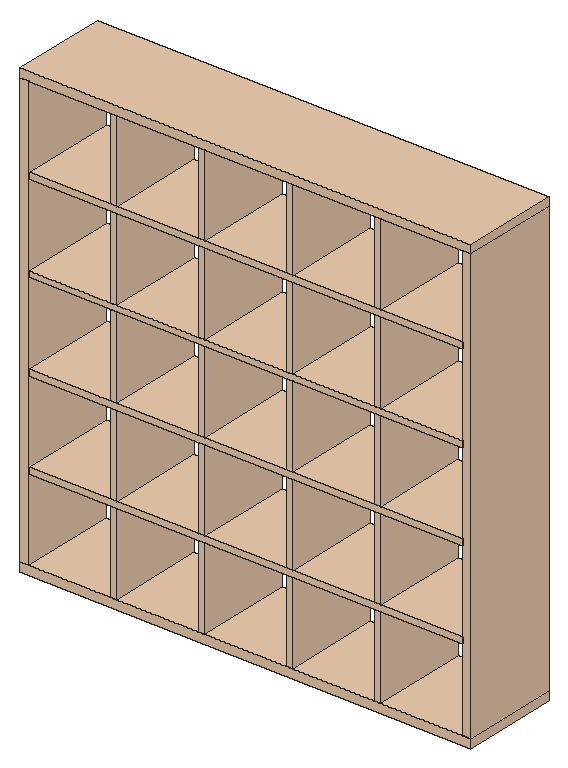
Revit family "KALLAX", category Furniture, Revit 2019
Family settings
  OmniClass Number = 23.40.20.00
  OmniClass Title = General Furniture and Specialties
  Work Plane-Based = No
  Always vertical = Yes
  Cut with Voids When Loaded = No
  Shared = No
  Room Calculation Point = No
Parameters
  www.revitwatch.com = ""
  Void_Length = (Length - (Thikness * 2) - (T1 * 4)) / 5  # 330 mm
  Void_Height = (Height - (Thikness * 2) - (T1 * 4)) / 5  # 330 mm
  Thikness = 35 mm
  T1 = 25 mm
  Length = 1820 mm
  Height = 1820 mm
  Depth = 390 mm
Reference planes
  plane 1 "Center (Front/Back)": y = 0
  plane 2: z = 0
  plane 3 "Center (Left/Right)": x = 0
  plane 4: x = -910
  plane 5: x = 910
  plane 6: y = -195
  plane 7: y = 195
  plane 8: z = 1820
  plane 9: z = 1785
  plane 10: z = 35
  plane 11: x = -875
  plane 12: x = 875
  plane 13: z = 1455
  plane 14: z = 1100
  plane 15: z = 745
  plane 16: z = 390
  plane 17: z = 1430
  plane 18: z = 1075
  plane 19: z = 720
  plane 20: z = 365
  plane 21: x = -545
  plane 22: x = -190
  plane 23: x = 165
  plane 24: x = 520
  plane 25: x = -520
  plane 26: x = -165
  plane 27: x = 190
  plane 28: x = 545
Forms (mm)
  Sweep 1, solid, material "Oak"
    path origin (0, 0, 0) x (1, 0, 0) y (0, 0, 1)
      loop
        line (0, 1820) -> (0, 1785)
    profile origin (0, 0, 1802.5) x (0, -1, 0) y (1, 0, 0)
      loop
        line (-195, -910) -> (195, -910) -> (195, 910) -> (-195, 910) -> (-195, -910)
  Sweep 2, solid, material "Oak"
    path origin (0, 0, -278.751) x (1, 0, 0) y (0, 0, 1)
      loop
        line (0, 1733.751) -> (0, 1708.751)
    profile origin (0, 0, 1442.5) x (0, -1, 0) y (1, 0, 0)
      loop
        line (-195, -875) -> (195, -875) -> (195, 875) -> (-195, 875) -> (-195, -875)
  Sweep 3, solid, material "Oak"
    path origin (0, 0, -558.751) x (1, 0, 0) y (0, 0, 1)
      loop
        line (0, 1658.751) -> (0, 1633.751)
    profile origin (0, 0, 1087.5) x (0, -1, 0) y (1, 0, 0)
      loop
        line (-195, -875) -> (195, -875) -> (195, 875) -> (-195, 875) -> (-195, -875)
  Sweep 4, solid, material "Oak"
    path origin (0, 0, -938.751) x (1, 0, 0) y (0, 0, 1)
      loop
        line (0, 1683.751) -> (0, 1658.751)
    profile origin (0, 0, 732.5) x (0, -1, 0) y (1, 0, 0)
      loop
        line (-195, -875) -> (195, -875) -> (195, 875) -> (-195, 875) -> (-195, -875)
  Sweep 5, solid, material "Oak"
    path origin (0, 0, -1278.751) x (1, 0, 0) y (0, 0, 1)
      loop
        line (0, 1668.751) -> (0, 1643.751)
    profile origin (0, 0, 377.5) x (0, -1, 0) y (1, 0, 0)
      loop
        line (-195, -875) -> (195, -875) -> (195, 875) -> (-195, 875) -> (-195, -875)
  Sweep 6, solid, material "Oak"
    path origin (0, 0, -1678.751) x (1, 0, 0) y (0, 0, 1)
      loop
        line (0, 1713.751) -> (0, 1678.751)
    profile origin (0, 0, 17.5) x (0, -1, 0) y (1, 0, 0)
      loop
        line (-195, -910) -> (195, -910) -> (195, 910) -> (-195, 910) -> (-195, -910)
  Sweep 7, solid, material "Oak"
    path origin (0, 0, 0) x (1, 0, 0) y (0, 0, 1)
      loop
        line (0, 1785) -> (0, 35)
    profile origin (0, 0, 910) x (0, -1, 0) y (1, 0, 0)
      loop
        line (-195, 875) -> (195, 875) -> (195, 910) -> (-195, 910) -> (-195, 875)
  Sweep 8, solid, material "Oak"
    path origin (0, 0, 0) x (1, 0, 0) y (0, 0, 1)
      loop
        line (0, 1785) -> (0, 35)
    profile origin (0, 0, 910) x (0, -1, 0) y (1, 0, 0)
      loop
        line (-195, -910) -> (195, -910) -> (195, -875) -> (-195, -875) -> (-195, -910)
  Sweep 9, solid, material "Oak"
    path origin (0, 0, 0) x (1, 0, 0) y (0, 1, 0)
      loop
        line (0, 195) -> (0, -195)
    profile origin (0, 0, 0) x (1, 0, 0) y (0, 0, 1)
      loop
        line (-190, 1785) -> (-190, 1455) -> (-165, 1455) -> (-165, 1785) -> (-190, 1785)
      loop
        line (-190, 1430) -> (-190, 1100) -> (-165, 1100) -> (-165, 1430) -> (-190, 1430)
      loop
        line (-190, 1075) -> (-190, 745) -> (-165, 745) -> (-165, 1075) -> (-190, 1075)
      loop
        line (-190, 720) -> (-190, 390) -> (-165, 390) -> (-165, 720) -> (-190, 720)
      loop
        line (-190, 365) -> (-190, 35) -> (-165, 35) -> (-165, 365) -> (-190, 365)
  Sweep 10, solid, material "Oak"
    path origin (-273.881, 58.215, 0) x (1, 0, 0) y (0, 1, 0)
      loop
        line (273.881, 136.785) -> (273.881, -253.215)
    profile origin (0, 0, 0) x (1, 0, 0) y (0, 0, 1)
      loop
        line (-545, 1785) -> (-545, 1455) -> (-520, 1455) -> (-520, 1785) -> (-545, 1785)
      loop
        line (-545, 1430) -> (-545, 1100) -> (-520, 1100) -> (-520, 1430) -> (-545, 1430)
      loop
        line (-545, 1075) -> (-545, 745) -> (-520, 745) -> (-520, 1075) -> (-545, 1075)
      loop
        line (-545, 720) -> (-545, 390) -> (-520, 390) -> (-520, 720) -> (-545, 720)
      loop
        line (-545, 365) -> (-545, 35) -> (-520, 35) -> (-520, 365) -> (-545, 365)
  Sweep 11, solid, material "Oak"
    path origin (586.119, 58.215, 0) x (1, 0, 0) y (0, 1, 0)
      loop
        line (-586.119, 136.785) -> (-586.119, -253.215)
    profile origin (0, 0, 0) x (1, 0, 0) y (0, 0, 1)
      loop
        line (520, 1785) -> (520, 1455) -> (545, 1455) -> (545, 1785) -> (520, 1785)
      loop
        line (520, 1430) -> (520, 1100) -> (545, 1100) -> (545, 1430) -> (520, 1430)
      loop
        line (520, 1075) -> (520, 745) -> (545, 745) -> (545, 1075) -> (520, 1075)
      loop
        line (520, 720) -> (520, 390) -> (545, 390) -> (545, 720) -> (520, 720)
      loop
        line (520, 365) -> (520, 35) -> (545, 35) -> (545, 365) -> (520, 365)
  Sweep 12, solid, material "Oak"
    path origin (453.827, 34.889, 0) x (1, 0, 0) y (0, 1, 0)
      loop
        line (-453.827, 160.111) -> (-453.827, -229.889)
    profile origin (0, 0, 0) x (1, 0, 0) y (0, 0, 1)
      loop
        line (165, 1785) -> (165, 1455) -> (190, 1455) -> (190, 1785) -> (165, 1785)
      loop
        line (165, 1430) -> (165, 1100) -> (190, 1100) -> (190, 1430) -> (165, 1430)
      loop
        line (165, 1075) -> (165, 745) -> (190, 745) -> (190, 1075) -> (165, 1075)
      loop
        line (165, 720) -> (165, 390) -> (190, 390) -> (190, 720) -> (165, 720)
      loop
        line (165, 365) -> (165, 35) -> (190, 35) -> (190, 365) -> (165, 365)
Dimensions and locks
  equal spacing: plane 6, plane 1 "Center (Front/Back)", plane 7
  equal spacing: plane 4, plane 3 "Center (Left/Right)", plane 5
  "Length": plane 4 to plane 5
  "Depth": plane 6 to plane 7
  "Height": plane 8 to level
  "Thikness": plane 8 to plane 9
  "Thikness": plane 11 to plane 4
  "Thikness": plane 5 to plane 12
  "Thikness": plane 10 to level
  "T1": plane 16 to plane 20
  "T1": plane 15 to plane 19
  "T1": plane 14 to plane 18
  "T1": plane 13 to plane 17
  "Void_Height": plane 19 to plane 16
  "Void_Height": plane 18 to plane 15
  "Void_Height": plane 9 to plane 13
  "Void_Height": plane 17 to plane 14
  "T1": plane 24 to plane 28
  "T1": plane 27 to plane 23
  "T1": plane 26 to plane 22
  "T1": plane 25 to plane 21
  "Void_Length": plane 11 to plane 21
  "Void_Length": plane 22 to plane 25
  "Void_Length": plane 23 to plane 26
  "Void_Length": plane 24 to plane 27
  plane 20 to plane 10 = 330 mm
  plane 28 to plane 12 = 330 mm
  aligned and locked: level to plane 2
  aligned and locked: Sweep 1 sketch curve to plane 3 "Center (Left/Right)"
  aligned and locked: plane 9 to Sweep 1 sketch curve
  aligned and locked: plane 8 to Sweep 1 sketch curve
  aligned and locked: Sweep 1 sketch curve to plane 5
  aligned and locked: plane 7 to Sweep 1 sketch curve
  aligned and locked: plane 4 to Sweep 1 sketch curve
  aligned and locked: Sweep 1 sketch curve to plane 6
  aligned and locked: plane 3 "Center (Left/Right)" to Sweep 6 sketch curve
  aligned and locked: level to Sweep 6 sketch curve
  aligned and locked: plane 10 to Sweep 6 sketch curve
  aligned and locked: plane 4 to Sweep 6 sketch curve
  aligned and locked: Sweep 6 sketch curve to plane 5
  aligned and locked: plane 7 to Sweep 6 sketch curve
  aligned and locked: Sweep 6 sketch curve to plane 6
  aligned and locked: plane 17 to Sweep 2 sketch curve
  aligned and locked: plane 13 to Sweep 2 sketch curve
  aligned and locked: Sweep 2 sketch curve to plane 3 "Center (Left/Right)"
  aligned and locked: plane 7 to Sweep 2 sketch curve
  aligned and locked: Sweep 2 sketch curve to plane 6
  aligned and locked: Sweep 2 sketch curve to plane 11
  aligned and locked: Sweep 2 sketch curve to plane 12
  aligned and locked: Sweep 3 sketch curve to plane 11
  aligned and locked: plane 7 to Sweep 3 sketch curve
  aligned and locked: Sweep 3 sketch curve to plane 6
  aligned and locked: Sweep 3 sketch curve to plane 12
  aligned and locked: plane 18 to Sweep 3 sketch curve
  aligned and locked: plane 14 to Sweep 3 sketch curve
  aligned and locked: Sweep 5 sketch curve to plane 11
  aligned and locked: Sweep 5 sketch curve to plane 12
  aligned and locked: plane 7 to Sweep 5 sketch curve
  aligned and locked: Sweep 5 sketch curve to plane 6
  aligned and locked: plane 20 to Sweep 5 sketch curve
  aligned and locked: plane 16 to Sweep 5 sketch curve
  aligned and locked: Sweep 4 sketch curve to plane 11
  aligned and locked: Sweep 4 sketch curve to plane 12
  aligned and locked: plane 7 to Sweep 4 sketch curve
  aligned and locked: Sweep 4 sketch curve to plane 6
  aligned and locked: plane 19 to Sweep 4 sketch curve
  aligned and locked: plane 15 to Sweep 4 sketch curve
  aligned and locked: Sweep 7 sketch curve to plane 3 "Center (Left/Right)"
  aligned and locked: Sweep 7 sketch curve to plane 6
  aligned and locked: plane 7 to Sweep 7 sketch curve
  aligned and locked: plane 12 to Sweep 7 sketch curve
  aligned and locked: Sweep 7 sketch curve to plane 5
  aligned and locked: plane 9 to Sweep 7 sketch curve
  aligned and locked: plane 10 to Sweep 7 sketch curve
  aligned and locked: Sweep 8 sketch curve to plane 3 "Center (Left/Right)"
  aligned and locked: plane 10 to Sweep 8 sketch curve
  aligned and locked: plane 9 to Sweep 8 sketch curve
  aligned and locked: plane 7 to Sweep 8 sketch curve
  aligned and locked: Sweep 8 sketch curve to plane 6
  aligned and locked: plane 4 to Sweep 8 sketch curve
  aligned and locked: plane 11 to Sweep 8 sketch curve
  aligned and locked: Sweep 9 sketch curve to plane 3 "Center (Left/Right)"
  aligned and locked: plane 7 to Sweep 9 sketch curve
  aligned and locked: plane 6 to Sweep 9 sketch curve
  aligned and locked: Sweep 9 sketch curve to plane 26  (x5)
  aligned and locked: Sweep 9 sketch curve to plane 22  (x5)
  aligned and locked: plane 13 to Sweep 9 sketch curve
  aligned and locked: Sweep 9 sketch curve to plane 9
  aligned and locked: plane 7 to Sweep 10 sketch curve
  aligned and locked: plane 6 to Sweep 10 sketch curve
  aligned and locked: Sweep 10 sketch curve to plane 3 "Center (Left/Right)"
  aligned and locked: plane 21 to Sweep 10 sketch curve  (x5)
  aligned and locked: Sweep 10 sketch curve to plane 25  (x5)
  aligned and locked: Sweep 10 sketch curve to plane 9
  aligned and locked: plane 13 to Sweep 10 sketch curve
  aligned and locked: plane 23 to Sweep 12 sketch curve  (x5)
  aligned and locked: Sweep 12 sketch curve to plane 27  (x5)
  aligned and locked: plane 13 to Sweep 12 sketch curve
  aligned and locked: Sweep 12 sketch curve to plane 9
  aligned and locked: plane 7 to Sweep 12 sketch curve
  aligned and locked: plane 6 to Sweep 12 sketch curve
  aligned and locked: Sweep 12 sketch curve to plane 3 "Center (Left/Right)"
  aligned and locked: Sweep 11 sketch curve to plane 3 "Center (Left/Right)"
  aligned and locked: plane 7 to Sweep 11 sketch curve
  aligned and locked: plane 6 to Sweep 11 sketch curve
  aligned and locked: plane 28 to Sweep 11 sketch curve  (x5)
  aligned and locked: Sweep 11 sketch curve to plane 24  (x5)
  aligned and locked: plane 13 to Sweep 11 sketch curve
  aligned and locked: Sweep 11 sketch curve to plane 9
  aligned and locked: plane 14 to Sweep 10 sketch curve
  aligned and locked: Sweep 10 sketch curve to plane 17
  aligned and locked: Sweep 10 sketch curve to plane 18
  aligned and locked: plane 15 to Sweep 10 sketch curve
  aligned and locked: Sweep 10 sketch curve to plane 19
  aligned and locked: plane 16 to Sweep 10 sketch curve
  aligned and locked: Sweep 10 sketch curve to plane 20
  aligned and locked: plane 10 to Sweep 10 sketch curve
  aligned and locked: Sweep 9 sketch curve to plane 20
  aligned and locked: plane 10 to Sweep 9 sketch curve
  aligned and locked: plane 16 to Sweep 9 sketch curve
  aligned and locked: Sweep 9 sketch curve to plane 19
  aligned and locked: plane 15 to Sweep 9 sketch curve
  aligned and locked: Sweep 9 sketch curve to plane 18
  aligned and locked: plane 14 to Sweep 9 sketch curve
  aligned and locked: Sweep 9 sketch curve to plane 17
  aligned and locked: Sweep 12 sketch curve to plane 20
  aligned and locked: plane 10 to Sweep 12 sketch curve
  aligned and locked: plane 16 to Sweep 12 sketch curve
  aligned and locked: Sweep 12 sketch curve to plane 19
  aligned and locked: plane 15 to Sweep 12 sketch curve
  aligned and locked: Sweep 12 sketch curve to plane 18
  aligned and locked: Sweep 12 sketch curve to plane 17
  aligned and locked: plane 14 to Sweep 12 sketch curve
  aligned and locked: Sweep 11 sketch curve to plane 20
  aligned and locked: plane 10 to Sweep 11 sketch curve
  aligned and locked: plane 16 to Sweep 11 sketch curve
  aligned and locked: Sweep 11 sketch curve to plane 19
  aligned and locked: plane 15 to Sweep 11 sketch curve
  aligned and locked: Sweep 11 sketch curve to plane 18
  aligned and locked: plane 14 to Sweep 11 sketch curve
  aligned and locked: Sweep 11 sketch curve to plane 17
Automatic sketch dimensions
  Sweep 3 sketch curve to plane 3 "Center (Left/Right)" = 0 mm
  Sweep 4 sketch curve to plane 3 "Center (Left/Right)" = 0 mm
  Sweep 5 sketch curve to plane 3 "Center (Left/Right)" = 0 mm
